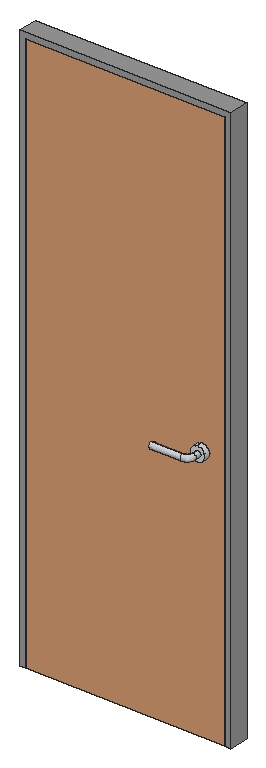
Revit family "- Enchapada Caprian", category Doors, host Wall, Revit 2018
Family settings
  Host = Wall
  OmniClass Number = 23.30.10.00
  OmniClass Title = Doors
  Always vertical = Yes
  Cut with Voids When Loaded = No
  Shared = No
  Room Calculation Point = No
Parameters (values of type "- 70 x 200 cm")
  Set de Marcos = ""
  Relleno = ""
  Material Marco = - Perfil Aluminio
  Material Hoja = - Mara Clara
  Manilla = - Manilla
  Hojas = "Simple de Abatir"
  Function = Interior
  Frame Projection Ext. = 2.50 cm
  Frame Projection Int. = 2.50 cm
  Frame Width = 7.50 cm
  Height = 200.00 cm
  Wall Closure = By host
  Width = 74.00 cm
  Distancia a Cara Interior = 6.00 cm
  Bisagras = ""
  Ancho Hoja = Width - 4.00 cm  # 70.00 cm
  Ancho = Width  # 74.00 cm
  Analytic Construction = "<None>"
  Alto = Height  # 200.00 cm
Types (12, lengths in cm): name | Material Hoja | Height | Width | Ancho Hoja | Ancho | Alto
  - 70 x 200 cm | - Mara Clara | 200.00 | 74.00 | 70.00 | 74.00 | 200.00
  - 75 x 200 cm | none | 200.00 | 79.00 | 75.00 | 79.00 | 200.00
  - 80 x 200 cm | none | 200.00 | 84.00 | 80.00 | 84.00 | 200.00
  - 85 x 200 cm | none | 200.00 | 89.00 | 85.00 | 89.00 | 200.00
  - 90 x 200 cm | none | 200.00 | 94.00 | 90.00 | 94.00 | 200.00
  -100 x 200 cm | none | 200.00 | 104.00 | 100.00 | 104.00 | 200.00
  - 70 x 210 cm | none | 210.00 | 74.00 | 70.00 | 74.00 | 210.00
  - 75 x 210 cm | none | 210.00 | 79.00 | 75.00 | 79.00 | 210.00
  - 80 x 210 cm | none | 210.00 | 84.00 | 80.00 | 84.00 | 210.00
  - 85 x 210 cm | none | 210.00 | 89.00 | 85.00 | 89.00 | 210.00
  - 90 x 210 cm | none | 210.00 | 94.00 | 90.00 | 94.00 | 210.00
  - 100 x 210 cm | - Mara Clara | 210.00 | 104.00 | 100.00 | 104.00 | 210.00
Reference planes (cm)
  plane 1: y = 0
  plane 2 "Center (Left/Right)": x = 0
  plane 3 "Left": x = -37
  plane 4 "Right": x = 37
  plane 5: z = 200
  plane 6 "Exterior": y = 7.5
  plane 7 "Interior": y = -7.5
  plane 8: y = -1.5
  plane 9: z = 198
  plane 10: x = -35
  plane 11: x = 35
Forms (cm)
  Sweep 1, solid, material "- Perfil Aluminio" <- "Material Marco"
    path origin (0, 7.5, 0) x (1, 0, 0) y (0, 0, 1)
      loop
        line (37, 0) -> (37, 200) -> (-37, 200) -> (-37, 0)
    profile origin (37, 7.5, 100) x (-1, 0, 0) y (0, -1, 0)
      loop
        line (0, 2) -> (3, 2) -> (3, 4.3) -> (2, 4.3) -> (2, 9) -> (0, 9) -> (0, 2)
  Extrusion 2, solid, material "- Mara Clara" <- "Material Hoja"
    sketch origin (0, 0, 0) x (1, 0, 0) y (0, 1, 0)
      loop
        line (-35, -1.5) -> (35, -1.5) -> (35, 3) -> (-35, 3) -> (-35, -1.5)
    from 0 to 198
  Sweep 3, solid, material "- Manilla" <- "Manilla", not visible
    path origin (5.8483, -7.5601, 0) x (1, 0, 0) y (0, 1, 0)
      loop
        line (22.1517, 15.0613) -> (32.1517, 15.0613)
        arc (32.1517, 15.0613) -> (33.5659, 14.4756) -> (34.1517, 13.0613) r 2
        line (34.1517, 13.0613) -> (34.1517, 11.0613)
    profile origin (33, 7.5012, 0) x (0, 1, 0) y (0, 0, 1)
      loop
        circle (0, 90) r 1
  Extrusion 4, solid, material "- Manilla" <- "Manilla", not visible
    sketch origin (0, 7.5, 0) x (1, 0, 0) y (0, 0, 1)
      loop
        circle (40, 90) r 2.5
    from 3.9988 to 5
Lines and regions (cm)
  Opening 1
    outline origin (-305, -7.5, 0) x (1, 0, 0) y (0, 0, 1)
      loop
        line (268, 0) -> (342, 0) -> (342, 200) -> (268, 200) -> (268, 0)
  symbolic lines, style "Elevation Swing"
    curve 1: line (37, -7.5, 100) -> (-37, -7.5, 200)
    curve 2: line (37, -7.5, 100) -> (-37, -7.5, 0)
    curve 7: arc (-30.5, -71.5, 0) -> (16.4246, -49.6941, 0) -> (35.2596, -1.5001, 0) r 69.4706
  symbolic lines
    curve 3: line (-35, -1.5, 0) -> (-35, -71.5, 0)
    curve 4: line (-30.5, -1.5, 0) -> (-35, -1.5, 0)
    curve 5: line (-30.5, -71.5, 0) -> (-30.5, -1.5, 0)
    curve 6: line (-35, -71.5, 0) -> (-30.5, -71.5, 0)
  model lines, not visible
    curve 8: line (-20, 3, 25) -> (20, 3, 25)
    curve 9: line (-20, 3, 65) -> (-20, 3, 25)
    curve 10: line (20, 3, 65) -> (8.6603, 3, 65)
    curve 11: line (20, 3, 25) -> (20, 3, 65)
    curve 12: line (-20, 3, 75) -> (-8.6603, 3, 75)
    curve 13: line (-20, 3, 75) -> (-20, 3, 169.9666)
    curve 14: line (20, 3, 75) -> (20, 3, 169.9666)
    curve 15: arc (-8.6603, 3, 65) -> (0, 3, 60) -> (8.6603, 3, 65) r 10
    curve 16: line (8.6603, 3, 75) -> (20, 3, 75)
    curve 17: line (-8.6603, 3, 65) -> (-20, 3, 65)
    curve 18: arc (8.6603, 3, 75) -> (0, 3, 80) -> (-8.6603, 3, 75) r 10
    curve 19: arc (14.9666, 3, 175) -> (0, 3, 183) -> (-14.9666, 3, 175) r 18
    curve 20: arc (-20, 3, 169.9666) -> (-16.4409, 3, 171.4409) -> (-14.9666, 3, 175) r 5.0334
    curve 21: arc (14.9666, 3, 175) -> (16.4409, 3, 171.4409) -> (20, 3, 169.9666) r 5.0334
    curve 22: line (-9.2195, 3, 64) -> (-19, 3, 64)
    curve 23: line (-19, 3, 64) -> (-19, 3, 26)
    curve 24: arc (9.2195, 3, 64) -> (0, 3, 59) -> (-9.2195, 3, 64) r 11
    curve 25: line (19, 3, 64) -> (9.2195, 3, 64)
    curve 26: line (19, 3, 26) -> (19, 3, 64)
    curve 27: line (-19, 3, 26) -> (19, 3, 26)
    curve 28: line (-18.9928, 3, 168.9932) -> (-18.9928, 3, 76)
    curve 29: arc (-13.9941, 3, 174.9045) -> (-15.4113, 3, 171.0338) -> (-18.9928, 3, 168.9932) r 5.9946
    curve 30: arc (13.9971, 3, 174.7848) -> (0.0327, 3, 182.1538) -> (-13.9941, 3, 174.9045) r 17.0542
    curve 31: arc (19, 3, 169.1276) -> (15.4988, 3, 171.072) -> (13.9971, 3, 174.7848) r 6.0089
    curve 32: line (19, 3, 76) -> (19, 3, 169.1276)
    curve 33: line (9.2195, 3, 76) -> (19, 3, 76)
    curve 34: arc (-9.2195, 3, 76) -> (0, 3, 81) -> (9.2195, 3, 76) r 11
    curve 35: line (-18.9928, 3, 76) -> (-9.2195, 3, 76)
    curve 36: arc (12.052, 3, 174.0667) -> (0.0498, 3, 180.1537) -> (-12.0243, 3, 174.2107) r 15.0542
    curve 37: arc (-12.0243, 3, 174.2107) -> (-13.561, 3, 170.1508) -> (-16.9928, 3, 167.4925) r 7.9946
    curve 38: line (-16.9928, 3, 167.4925) -> (-16.9928, 3, 78)
    curve 39: line (17, 3, 78) -> (17, 3, 167.6269)
    curve 40: arc (17, 3, 167.6269) -> (13.6492, 3, 170.1731) -> (12.052, 3, 174.0667) r 8.0089
    curve 41: line (-16.9928, 3, 78) -> (-10.247, 3, 78)
    curve 42: arc (-10.247, 3, 78) -> (0, 3, 83) -> (10.247, 3, 78) r 13
    curve 43: line (10.247, 3, 78) -> (17, 3, 78)
    curve 44: line (-10.247, 3, 62) -> (-17, 3, 62)
    curve 45: arc (10.247, 3, 62) -> (0, 3, 57) -> (-10.247, 3, 62) r 13
    curve 46: line (17, 3, 62) -> (10.247, 3, 62)
    curve 47: line (17, 3, 28) -> (17, 3, 62)
    curve 48: line (-17, 3, 28) -> (17, 3, 28)
    curve 49: line (-17, 3, 62) -> (-17, 3, 28)
    curve 50: line (-314, -1.5, 25) -> (-274, -1.5, 25)
    curve 51: line (-314, -1.5, 65) -> (-314, -1.5, 25)
    curve 52: line (-274, -1.5, 25) -> (-274, -1.5, 65)
    curve 53: line (-314, -1.5, 70) -> (-274, -1.5, 70)
    curve 54: line (-314, -1.5, 70) -> (-314, -1.5, 87)
    curve 55: line (-274, -1.5, 70) -> (-274, -1.5, 87)
    curve 56: line (-274, -1.5, 65) -> (-314, -1.5, 65)
    curve 57: line (-275, -1.5, 64) -> (-313, -1.5, 64)
    curve 58: line (-313, -1.5, 64) -> (-313, -1.5, 26)
    curve 59: line (-275, -1.5, 26) -> (-275, -1.5, 64)
    curve 60: line (-313, -1.5, 26) -> (-275, -1.5, 26)
    curve 61: line (-312.9928, -1.5, 86) -> (-312.9928, -1.5, 71)
    curve 62: line (-275, -1.5, 71) -> (-275, -1.5, 86)
    curve 63: line (-312.9928, -1.5, 71) -> (-275, -1.5, 71)
    curve 64: line (-310.9928, -1.5, 84) -> (-310.9928, -1.5, 73)
    curve 65: line (-277, -1.5, 73) -> (-277, -1.5, 84)
    curve 66: line (-310.9928, -1.5, 73) -> (-277, -1.5, 73)
    curve 67: line (-277, -1.5, 62) -> (-311, -1.5, 62)
    curve 68: line (-277, -1.5, 28) -> (-277, -1.5, 62)
    curve 69: line (-311, -1.5, 28) -> (-277, -1.5, 28)
    curve 70: line (-311, -1.5, 62) -> (-311, -1.5, 28)
    curve 71: line (-310.9928, -1.5, 84) -> (-277, -1.5, 84)
    curve 72: line (-314, -1.5, 87) -> (-274, -1.5, 87)
    curve 73: line (-312.9928, -1.5, 86) -> (-275, -1.5, 86)
    curve 74: line (-310.9928, -1.5, 84) -> (-277, -1.5, 84)
    curve 75: line (-314, -1.5, 97) -> (-274, -1.5, 97)
    curve 76: line (-314, -1.5, 185) -> (-314, -1.5, 97)
    curve 77: line (-274, -1.5, 97) -> (-274, -1.5, 185)
    curve 78: line (-274, -1.5, 185) -> (-314, -1.5, 185)
    curve 79: line (-275, -1.5, 184) -> (-313, -1.5, 184)
    curve 80: line (-313, -1.5, 184) -> (-313, -1.5, 98)
    curve 81: line (-275, -1.5, 98) -> (-275, -1.5, 184)
    curve 82: line (-313, -1.5, 98) -> (-275, -1.5, 98)
    curve 83: line (-277, -1.5, 182) -> (-311, -1.5, 182)
    curve 84: line (-277, -1.5, 100) -> (-277, -1.5, 182)
    curve 85: line (-311, -1.5, 100) -> (-277, -1.5, 100)
    curve 86: line (-311, -1.5, 182) -> (-311, -1.5, 100)
    curve 87: line (-320, 3, 25) -> (-280, 3, 25)
    curve 88: line (-320, 3, 65) -> (-320, 3, 25)
    curve 89: line (-280, 3, 25) -> (-280, 3, 65)
    curve 90: line (-320, 3, 72.5) -> (-280, 3, 72.5)
    curve 91: line (-280, 3, 65) -> (-320, 3, 65)
    curve 92: line (-281, 3, 64) -> (-319, 3, 64)
    curve 93: line (-319, 3, 64) -> (-319, 3, 26)
    curve 94: line (-281, 3, 26) -> (-281, 3, 64)
    curve 95: line (-319, 3, 26) -> (-281, 3, 26)
    curve 96: line (-319, 3, 73.5) -> (-281, 3, 73.5)
    curve 97: line (-317, 3, 75.5) -> (-283, 3, 75.5)
    curve 98: line (-283, 3, 62) -> (-317, 3, 62)
    curve 99: line (-283, 3, 28) -> (-283, 3, 62)
    curve 100: line (-317, 3, 28) -> (-283, 3, 28)
    curve 101: line (-317, 3, 62) -> (-317, 3, 28)
    curve 102: line (-320, 3, 179.3431) -> (-320, 3, 72.5)
    curve 103: line (-280, 3, 72.5) -> (-280, 3, 179.3431)
    curve 104: line (-319, 3, 178.3431) -> (-319, 3, 73.5)
    curve 105: line (-281, 3, 73.5) -> (-281, 3, 178.3431)
    curve 106: line (-283, 3, 75.5) -> (-283, 3, 176.3431)
    curve 107: line (-317, 3, 176.3431) -> (-317, 3, 75.5)
    curve 108: arc (-292, 3, 181) -> (-300, 3, 185) -> (-308, 3, 181) r 10
    curve 109: arc (-292, 3, 181) -> (-290.1648, 3, 179.7737) -> (-288, 3, 179.3431) r 5.6569
    curve 110: arc (-308, 3, 181) -> (-309.8352, 3, 179.7737) -> (-312, 3, 179.3431) r 5.6569
    curve 111: line (-288, 3, 179.3431) -> (-280, 3, 179.3431)
    curve 112: line (-312, 3, 179.3431) -> (-320, 3, 179.3431)
    curve 113: line (-281, 3, 178.3431) -> (-288, 3, 178.3431)
    curve 114: arc (-288, 3, 178.3431) -> (-290.5825, 3, 178.8645) -> (-292.7604, 3, 180.3468) r 6.6569
    curve 115: arc (-292.7604, 3, 180.3468) -> (-300, 3, 184) -> (-307.2396, 3, 180.3468) r 9
    curve 116: arc (-307.2396, 3, 180.3468) -> (-309.4175, 3, 178.8645) -> (-312, 3, 178.3431) r 6.6569
    curve 117: line (-312, 3, 178.3431) -> (-319, 3, 178.3431)
    curve 118: line (-283, 3, 176.3431) -> (-288, 3, 176.3431)
    curve 119: arc (-288, 3, 176.3431) -> (-291.43, 3, 177.0516) -> (-294.2985, 3, 179.0611) r 8.6569
    curve 120: arc (-294.2985, 3, 179.0611) -> (-300, 3, 182) -> (-305.7015, 3, 179.0611) r 7
    curve 121: arc (-305.7015, 3, 179.0611) -> (-308.57, 3, 177.0516) -> (-312, 3, 176.3431) r 8.6569
    curve 122: line (-312, 3, 176.3431) -> (-317, 3, 176.3431)
    curve 123: line (302, -1.5, 25) -> (342, -1.5, 25)
    curve 124: line (302, -1.5, 65) -> (302, -1.5, 25)
    curve 125: line (342, -1.5, 25) -> (342, -1.5, 65)
    curve 126: line (302, -1.5, 77.5) -> (342, -1.5, 77.5)
    curve 127: line (342, -1.5, 65) -> (302, -1.5, 65)
    curve 128: line (341, -1.5, 64) -> (303, -1.5, 64)
    curve 129: line (303, -1.5, 64) -> (303, -1.5, 26)
    curve 130: line (341, -1.5, 26) -> (341, -1.5, 64)
    curve 131: line (303, -1.5, 26) -> (341, -1.5, 26)
    curve 132: line (303, -1.5, 78.5) -> (341, -1.5, 78.5)
    curve 133: line (304.9998, -1.5, 80.5) -> (339.0011, -1.5, 80.5)
    curve 134: line (339, -1.5, 62) -> (305, -1.5, 62)
    curve 135: line (339, -1.5, 28) -> (339, -1.5, 62)
    curve 136: line (305, -1.5, 28) -> (339, -1.5, 28)
    curve 137: line (305, -1.5, 62) -> (305, -1.5, 28)
    curve 138: line (302, -1.5, 185) -> (302, -1.5, 77.5)
    curve 139: line (342, -1.5, 77.5) -> (342, -1.5, 185)
    curve 140: line (303, -1.5, 184) -> (303, -1.5, 78.5)
    curve 141: line (341, -1.5, 78.5) -> (341, -1.5, 184)
    curve 142: line (339.0011, -1.5, 80.5) -> (339.0011, -1.5, 182)
    curve 143: line (304.9998, -1.5, 182) -> (304.9998, -1.5, 80.5)
    curve 144: line (306, 3, 25) -> (346, 3, 25)
    curve 145: line (306, 3, 65) -> (306, 3, 25)
    curve 146: line (346, 3, 25) -> (346, 3, 65)
    curve 147: line (306, 3, 77.5) -> (346, 3, 77.5)
    curve 148: line (346, 3, 65) -> (306, 3, 65)
    curve 149: line (345, 3, 64) -> (307, 3, 64)
    curve 150: line (307, 3, 64) -> (307, 3, 26)
    curve 151: line (345, 3, 26) -> (345, 3, 64)
    curve 152: line (307, 3, 26) -> (345, 3, 26)
    curve 153: line (307, 3, 78.5) -> (345, 3, 78.5)
    curve 154: line (308.9998, 3, 80.5) -> (343.0011, 3, 80.5)
    curve 155: line (343, 3, 62) -> (309, 3, 62)
    curve 156: line (343, 3, 28) -> (343, 3, 62)
    curve 157: line (309, 3, 28) -> (343, 3, 28)
    curve 158: line (309, 3, 62) -> (309, 3, 28)
    curve 159: line (306, 3, 185) -> (306, 3, 77.5)
    curve 160: line (346, 3, 77.5) -> (346, 3, 185)
    curve 161: line (307, 3, 184) -> (307, 3, 78.5)
    curve 162: line (345, 3, 78.5) -> (345, 3, 184)
    curve 163: line (343.0011, 3, 80.5) -> (343.0011, 3, 182)
    curve 164: line (308.9998, 3, 182) -> (308.9998, 3, 80.5)
    curve 165: line (346, 3, 185) -> (306, 3, 185)
    curve 166: line (345, 3, 184) -> (307, 3, 184)
    curve 167: line (343.0011, 3, 182) -> (308.9998, 3, 182)
    curve 168: line (302, -1.5, 185) -> (342, -1.5, 185)
    curve 169: line (341, -1.5, 184) -> (303, -1.5, 184)
    curve 170: line (339.0011, -1.5, 182) -> (304.9998, -1.5, 182)
Text (cm)
  text "Exterior" at (-229.5016, 109.9543, 0), in view "Ref. Level"
  text "Exterior" at (0, 161.538, 369.8081), in view "Left"
  text "Exterior" at (0, 103.6032, 387.4932), in view "Right"
Dimensions and locks (cm)
  equal spacing: plane 3 "Left", plane 2 "Center (Left/Right)", plane 4 "Right"
  "Width": plane 3 "Left" to plane 4 "Right"
  "Height": plane 5 to host wall
  equal spacing: host wall, curve 2, plane 5
  host wall to plane 5 = 200.00 cm
  locked: plane 6 "Exterior" to host wall at 0
  locked: plane 7 "Interior" to host wall
  "Distancia a Cara Interior": plane 7 "Interior" to plane 8
  locked: Sweep 1 sketch curve to Sweep 1 sketch curve at 7
  locked: plane 9 to plane 5 at 2
  locked: curve 3 to curve 5 at 4.5
  locked: plane 3 "Left" to plane 10 at 2
  locked: plane 11 to plane 4 "Right" at 2
  "Ancho Hoja": curve 6 to curve 4
  locked: Extrusion 2 sketch curve to Extrusion 2 sketch curve at 4.5
  locked: nested 1 to plane 4 "Right" at 10
  level to nested 1 = 90.00 cm
  locked: nested 2 to plane 4 "Right" at 10
  locked: nested 2 to level at 90
  locked: Sweep 1 sketch curve to Sweep 1 sketch curve at 2.3
  aligned and locked: plane 3 "Left" to Opening 1 sketch curve
  aligned and locked: plane 5 to Opening 1 sketch curve  (x2)
  aligned and locked: Opening 1 sketch curve to plane 4 "Right"
  aligned and locked: Opening 1 sketch curve to level
  aligned and locked: plane 5 to curve 1
  aligned and locked: plane 3 "Left" to curve 2
  aligned and locked: plane 1 to host wall
  aligned and locked: plane 3 "Left" to curve 1
  aligned and locked: plane 8 to Sweep 1 sketch curve
  aligned and locked: Extrusion 2 sketch curve to plane 8
  aligned and locked: Sweep 1 to level
  aligned and locked: plane 10 to curve 3
  aligned and locked: Sweep 3 to Extrusion 4
  aligned and locked: Extrusion 2 to plane 9
Automatic sketch dimensions
  plane 4 "Right" to curve 2 = 0.00 cm
  curve 2 to level = 0.00 cm
  plane 3 "Left" to Sweep 1 sketch curve = 0.00 cm
  plane 4 "Right" to Sweep 1 sketch curve = 0.00 cm
  Sweep 1 sketch curve to level = 0.00 cm  (x2)
  Sweep 1 sketch curve to plane 5 = 0.00 cm
  Sweep 1 sketch curve to profile plane = 0.00 cm
  Sweep 1 sketch curve to profile plane = 2.00 cm
  Sweep 1 sketch curve to Sweep 1 sketch curve = 1.00 cm
  curve 7 to plane 8 = 0.0001 cm
  curve 7 to plane 11 = 0.2596 cm
  curve 4 to plane 8 = 0.00 cm
  curve 7 to plane 10 = 0.7919 cm
  Sweep 3 sketch curve to Sweep 3 sketch curve = 10.00 cm
  Sweep 3 sketch curve to Sweep 3 sketch curve = 2.00 cm  (x2)
  Sweep 3 sketch curve to profile plane = 0.00 cm
  profile plane to Sweep 3 sketch curve = 90.00 cm
  Extrusion 2 sketch curve to plane 10 = 0.00 cm
  Extrusion 2 sketch curve to plane 11 = 0.00 cm
  curve 15 to curve 18 = 0.00 cm  (x4)
  curve 15 to curve 24 = 0.00 cm  (x4)
  curve 15 to curve 34 = 0.00 cm  (x4)
  curve 15 to curve 42 = 0.00 cm  (x4)
  curve 15 to curve 45 = 0.00 cm  (x4)
  curve 29 to curve 37 = 0.00 cm  (x4)
  curve 30 to curve 36 = 0.00 cm  (x4)
  curve 31 to curve 40 = 0.00 cm  (x4)
  curve 8 to curve 31 = 0.00 cm
  curve 21 to curve 31 = 0.00 cm
  curve 14 to curve 32 = 1.00 cm
  curve 10 to curve 26 = 1.00 cm
  curve 26 to curve 47 = 2.00 cm
  curve 32 to curve 39 = 2.00 cm
  curve 46 to curve 46 = 6.753 cm
  curve 39 to curve 43 = 6.753 cm
  curve 42 to curve 33 = 1.0274 cm
  curve 45 to curve 25 = 1.0274 cm
  curve 33 to curve 16 = 0.5593 cm
  curve 24 to curve 10 = 0.5593 cm
  curve 16 to curve 24 = 8.6603 cm
  curve 39 to curve 19 = 17.00 cm
  curve 19 to curve 36 = 0.0402 cm
  curve 15 to curve 12 = 8.6603 cm
  curve 15 to curve 17 = 8.6603 cm
  curve 15 to curve 22 = 0.5593 cm
  curve 12 to curve 35 = 0.5593 cm
  curve 22 to curve 44 = 1.0274 cm
  curve 34 to curve 41 = 1.0274 cm
  curve 41 to curve 38 = 6.7459 cm
  curve 47 to curve 48 = 34.00 cm
  curve 38 to curve 35 = 2.00 cm
  curve 44 to curve 22 = 2.00 cm
  curve 28 to curve 29 = 0.9959 cm
  curve 29 to curve 20 = 0.0113 cm
  curve 22 to curve 17 = 1.00 cm
  curve 8 to curve 26 = 1.00 cm
  curve 23 to curve 49 = 2.00 cm
  curve 48 to curve 49 = 34.00 cm
  curve 45 to curve 25 = 2.00 cm
  curve 25 to curve 10 = 1.00 cm
  curve 10 to curve 45 = 5.00 cm
  curve 10 to curve 16 = 10.00 cm
  curve 12 to curve 35 = 1.00 cm
  curve 34 to curve 41 = 2.00 cm
  curve 41 to curve 19 = 87.00 cm
  curve 19 to curve 30 = 0.0997 cm
  curve 36 to curve 38 = 2.3928 cm
  curve 19 to curve 39 = 2.6269 cm
  curve 37 to curve 28 = 1.5007 cm
  curve 39 to curve 32 = 1.5007 cm
  curve 28 to curve 13 = 0.9734 cm
  curve 31 to curve 14 = 0.839 cm
  curve 13 to curve 29 = 4.9378 cm
  curve 29 to curve 20 = 0.0955 cm
  curve 21 to curve 40 = 0.0527 cm
  curve 31 to curve 36 = 1.9451 cm
  curve 55 to curve 62 = 1.4142 cm
  curve 59 to curve 68 = 2.8284 cm
  curve 62 to curve 65 = 2.8284 cm
  curve 53 to curve 63 = 1.4142 cm
  curve 57 to curve 67 = 2.8284 cm
  curve 66 to curve 64 = 33.9928 cm
  curve 68 to curve 69 = 34.00 cm
  curve 64 to curve 63 = 2.8284 cm
  curve 67 to curve 57 = 2.8284 cm
  curve 57 to curve 56 = 1.4142 cm
  curve 50 to curve 59 = 1.4142 cm
  curve 58 to curve 70 = 2.8284 cm
  curve 69 to curve 70 = 34.00 cm  (x2)
  curve 53 to curve 63 = 1.4193 cm
  curve 65 to curve 62 = 2.8284 cm
  curve 61 to curve 54 = 1.4193 cm
  curve 18 to curve 24 = 0.00 cm  (x2)
  curve 18 to curve 34 = 0.00 cm  (x2)
  curve 18 to curve 42 = 0.00 cm  (x2)
  curve 18 to curve 45 = 0.00 cm  (x2)
  curve 24 to curve 34 = 0.00 cm  (x2)
  curve 24 to curve 42 = 0.00 cm  (x2)
  curve 24 to curve 45 = 0.00 cm  (x2)
  curve 34 to curve 42 = 0.00 cm  (x2)
  curve 34 to curve 45 = 0.00 cm  (x2)
  curve 42 to curve 45 = 0.00 cm  (x2)
  curve 72 to curve 51 = 0.00 cm
  curve 75 to curve 54 = 0.00 cm
  curve 76 to curve 79 = 1.00 cm
  curve 51 to curve 57 = 1.00 cm
  curve 53 to curve 63 = 1.0072 cm
  curve 79 to curve 86 = 2.00 cm
  curve 58 to curve 70 = 2.00 cm
  curve 61 to curve 66 = 2.00 cm
  curve 64 to curve 65 = 33.9928 cm
  curve 69 to curve 69 = 34.00 cm
  curve 85 to curve 65 = 0.00 cm
  curve 68 to curve 60 = 2.00 cm
  curve 65 to curve 63 = 2.00 cm
  curve 84 to curve 82 = 2.00 cm
  curve 62 to curve 55 = 1.00 cm
  curve 57 to curve 56 = 1.00 cm  (x2)
  curve 79 to curve 78 = 1.00 cm  (x2)
  curve 50 to curve 59 = 1.00 cm
  curve 59 to curve 68 = 2.00 cm
  curve 67 to curve 57 = 2.00 cm
  curve 52 to curve 53 = 5.00 cm
  curve 53 to curve 63 = 1.00 cm
  curve 62 to curve 66 = 2.00 cm
  curve 65 to curve 71 = 11.00 cm
  curve 65 to curve 62 = 2.00 cm
  curve 62 to curve 72 = 1.00 cm
  curve 55 to curve 75 = 10.00 cm
  curve 75 to curve 82 = 1.00 cm
  curve 81 to curve 84 = 2.00 cm
  curve 84 to curve 84 = 82.00 cm
  curve 83 to curve 79 = 2.00 cm
  curve 87 to curve 90 = 0.00 cm
  curve 103 to curve 105 = 1.00 cm
  curve 89 to curve 92 = 1.00 cm
  curve 105 to curve 106 = 2.00 cm
  curve 92 to curve 99 = 2.00 cm
  curve 98 to curve 98 = 34.00 cm
  curve 106 to curve 107 = 34.00 cm
  curve 97 to curve 96 = 2.00 cm
  curve 98 to curve 92 = 2.00 cm
  curve 96 to curve 102 = 1.00 cm
  curve 92 to curve 91 = 1.00 cm
  curve 87 to curve 94 = 1.00 cm
  curve 94 to curve 99 = 2.00 cm
  curve 100 to curve 101 = 34.00 cm
  curve 98 to curve 93 = 2.00 cm
  curve 92 to curve 89 = 1.00 cm
  curve 89 to curve 103 = 7.50 cm
  curve 90 to curve 105 = 1.00 cm
  curve 96 to curve 106 = 2.00 cm
  curve 97 to curve 107 = 100.8431 cm
  curve 106 to curve 107 = 0.00 cm
  curve 106 to curve 105 = 2.00 cm
  curve 105 to curve 103 = 1.00 cm
  curve 123 to curve 126 = 52.50 cm
  curve 139 to curve 141 = 1.4142 cm
  curve 125 to curve 128 = 1.4142 cm
  curve 141 to curve 142 = 2.8276 cm
  curve 128 to curve 135 = 2.8284 cm
  curve 134 to curve 134 = 34.00 cm
  curve 142 to curve 143 = 34.0013 cm  (x2)
  curve 133 to curve 132 = 2.8283 cm
  curve 134 to curve 128 = 2.8284 cm
  curve 132 to curve 138 = 1.4142 cm
  curve 128 to curve 127 = 1.4142 cm
  curve 123 to curve 130 = 1.4142 cm
  curve 130 to curve 135 = 2.8284 cm
  curve 136 to curve 137 = 34.00 cm  (x2)
  curve 134 to curve 129 = 2.8284 cm
  curve 128 to curve 125 = 1.4142 cm
  curve 125 to curve 139 = 12.50 cm
  curve 126 to curve 141 = 1.4142 cm
  curve 132 to curve 142 = 2.8276 cm
  curve 133 to curve 143 = 101.50 cm
  curve 142 to curve 141 = 2.8276 cm
  curve 143 to curve 140 = 2.8283 cm
  curve 141 to curve 139 = 1.4142 cm
  curve 140 to curve 138 = 1.4142 cm
  curve 108 to curve 115 = 0.00 cm  (x4)
  curve 108 to curve 120 = 0.00 cm  (x4)
  curve 109 to curve 114 = 0.00 cm  (x3)
  curve 109 to curve 119 = 0.00 cm  (x4)
  curve 110 to curve 116 = 0.00 cm  (x3)
  curve 110 to curve 121 = 0.00 cm  (x3)
  curve 114 to curve 119 = 0.00 cm  (x3)
  curve 116 to curve 121 = 0.00 cm  (x4)
  curve 106 to curve 111 = 5.00 cm
  curve 118 to curve 115 = 12.00 cm
  curve 110 to curve 104 = 7.00 cm
  curve 115 to curve 106 = 1.3431 cm
  curve 122 to curve 117 = 2.00 cm
  curve 117 to curve 112 = 1.00 cm
  curve 110 to curve 121 = 5.6569 cm
  curve 111 to curve 109 = 5.6569 cm
  curve 109 to curve 109 = 4.00 cm
  curve 108 to curve 115 = 0.7604 cm
  curve 115 to curve 119 = 1.5381 cm
  curve 115 to curve 120 = 0.00 cm  (x2)
  curve 144 to curve 147 = 52.50 cm
  curve 160 to curve 162 = 1.4142 cm
  curve 146 to curve 149 = 1.4142 cm
  curve 162 to curve 163 = 2.8276 cm
  curve 149 to curve 156 = 2.8284 cm
  curve 155 to curve 155 = 34.00 cm  (x2)
  curve 163 to curve 164 = 34.0013 cm  (x3)
  curve 154 to curve 153 = 2.8283 cm
  curve 155 to curve 149 = 2.8284 cm
  curve 153 to curve 159 = 1.4142 cm
  curve 149 to curve 148 = 1.4142 cm
  curve 144 to curve 151 = 1.4142 cm  (x2)
  curve 151 to curve 156 = 2.8284 cm  (x2)
  curve 157 to curve 158 = 34.00 cm  (x3)
  curve 155 to curve 150 = 2.8284 cm  (x2)
  curve 149 to curve 146 = 1.4142 cm  (x2)
  curve 146 to curve 160 = 12.50 cm  (x3)
  curve 147 to curve 162 = 1.4142 cm
  curve 153 to curve 163 = 2.8276 cm
  curve 154 to curve 164 = 101.50 cm  (x2)
  curve 163 to curve 162 = 2.8276 cm  (x2)
  curve 164 to curve 161 = 2.8283 cm
  curve 162 to curve 160 = 1.4142 cm
  curve 161 to curve 159 = 1.4142 cm
  curve 159 to curve 145 = 120.00 cm
  curve 147 to curve 161 = 1.4142 cm
  curve 145 to curve 149 = 1.4142 cm
  curve 150 to curve 158 = 2.8284 cm
  curve 153 to curve 154 = 2.8283 cm
  curve 155 to curve 163 = 18.50 cm
  curve 156 to curve 152 = 2.8284 cm
  curve 153 to curve 160 = 1.4142 cm
  curve 151 to curve 144 = 1.4142 cm
  curve 147 to curve 153 = 1.4142 cm
  curve 153 to curve 164 = 2.8283 cm
  curve 144 to curve 147 = 0.00 cm
  curve 147 to curve 153 = 1.00 cm  (x2)
  curve 146 to curve 149 = 1.00 cm
  curve 162 to curve 163 = 1.9989 cm
  curve 149 to curve 156 = 2.00 cm
  curve 155 to curve 158 = 34.00 cm
  curve 164 to curve 161 = 1.9998 cm
  curve 155 to curve 149 = 2.00 cm
  curve 150 to curve 145 = 1.00 cm
  curve 153 to curve 147 = 1.00 cm
  curve 144 to curve 151 = 1.00 cm
  curve 151 to curve 156 = 2.00 cm
  curve 155 to curve 150 = 2.00 cm
  curve 149 to curve 148 = 1.00 cm
  curve 153 to curve 154 = 2.00 cm
  curve 164 to curve 161 = 2.00 cm
  curve 161 to curve 159 = 1.00 cm
  curve 168 to curve 124 = 0.00 cm
  curve 126 to curve 132 = 1.00 cm  (x2)
  curve 124 to curve 128 = 1.00 cm
  curve 132 to curve 143 = 1.9998 cm
  curve 129 to curve 137 = 2.00 cm
  curve 134 to curve 135 = 34.00 cm
  curve 134 to curve 133 = 0.0011 cm
  curve 134 to curve 130 = 2.00 cm  (x2)
  curve 133 to curve 132 = 1.9989 cm
  curve 141 to curve 139 = 1.00 cm
  curve 128 to curve 125 = 1.00 cm
  curve 123 to curve 130 = 1.00 cm
  curve 130 to curve 136 = 2.00 cm
  curve 128 to curve 127 = 1.00 cm
  curve 124 to curve 138 = 12.50 cm
  curve 132 to curve 143 = 2.00 cm
  curve 133 to curve 168 = 104.50 cm
  curve 142 to curve 141 = 2.00 cm
  curve 169 to curve 139 = 1.00 cm
  radius of Sweep 3 sketch curve = 1.00 cm
  radius of Extrusion 4 sketch curve = 2.50 cm
Nested families (cm)
  nested 1: "- Manilla Generica Puerta" at (27, 3, 90) x (0, 0, -1) z (0, 1, 0), type "- Manilla Generica Puerta"
  nested 2: "- Manilla Generica Puerta" at (27, -1.5, 90) x (0, 0, -1) z (0, -1, 0), type "- Manilla Generica Puerta"
Definition of nested family "- Manilla Generica Puerta"
  Parameters (values of type "- Manilla Generica Puerta")
    Manilla = none
    Default Elevation = 121.92 cm
  Reference planes (cm)
    plane 1 "Center (Front/Back)": y = 0
    plane 2: z = 0
    plane 3 "Center (Left/Right)": x = 0
    plane 4: z = 2
  Forms (cm)
    Extrusion 1, solid
      sketch origin (0, 0, 0) x (1, 0, 0) y (0, 1, 0)
        loop
          line (-121.92, 121.92) -> (-121.92, -121.92) -> (121.92, -121.92) -> (121.92, 121.92) -> (-121.92, 121.92)
      from 0 to -30.48
    Extrusion 2, solid, material <- "Manilla"
      sketch origin (0, 0, 0) x (1, 0, 0) y (0, 1, 0)
        loop
          circle (0, 0) r 2.5
      from 0 to 2
    Sweep 3, solid, material <- "Manilla"
      path origin (0, 0, 0) x (0, 1, 0) y (0, 0, 1)
        loop
          line (0, 2) -> (0, 4)
          arc (0, 4) -> (0.5858, 5.4142) -> (2, 6) r 2
          line (2, 6) -> (13, 6)
      profile origin (0, 0, 3) x (0, -1, 0) y (1, 0, 0)
        loop
          circle (0, 0) r 1
  Dimensions and locks (cm)
    locked: Extrusion 2 to Extrusion 2 at 2
    locked: plane 4 to level at 2
    aligned and locked: plane 2 to Extrusion 1
    aligned and locked: level to Extrusion 1
    aligned and locked: plane 4 to Sweep 3
